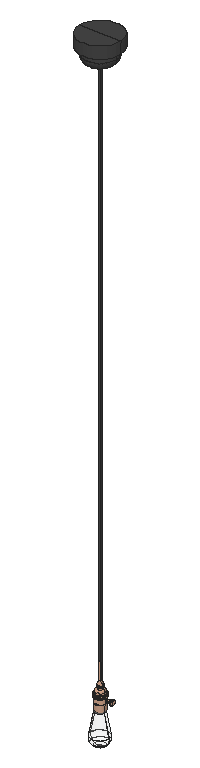
Revit family "SPO-KEY-AB MB", category Lighting Fixtures, Revit 2020 (continued)
Definition of nested family "SPO-KEY-AB"
  Definition of nested family "SPO-KEY-AB HOLDER"
    Automatic sketch dimensions
      Extrusion 127 sketch curve to Extrusion 127 sketch curve = 0' - 0.0326"
      Extrusion 127 sketch curve to Extrusion 127 sketch curve = 0' - 0.0292"
      Extrusion 127 sketch curve to Extrusion 127 sketch curve = 0' - 0.02806"
      Extrusion 128 sketch curve to Extrusion 128 sketch curve = 0' - 0.02911"
      Extrusion 128 sketch curve to Extrusion 128 sketch curve = 0' - 0.0326"
      Extrusion 128 sketch curve to Extrusion 128 sketch curve = 0' - 0.0292"
      Extrusion 128 sketch curve to Extrusion 128 sketch curve = 0' - 0.02806"
      Extrusion 129 sketch curve to Extrusion 129 sketch curve = 0' - 0.02911"
      Extrusion 129 sketch curve to Extrusion 129 sketch curve = 0' - 0.0326"
      Extrusion 129 sketch curve to Extrusion 129 sketch curve = 0' - 0.0292"
      Extrusion 129 sketch curve to Extrusion 129 sketch curve = 0' - 0.02806"
      Extrusion 130 sketch curve to Extrusion 130 sketch curve = 0' - 0.02911"
      Extrusion 130 sketch curve to Extrusion 130 sketch curve = 0' - 0.0326"
      Extrusion 130 sketch curve to Extrusion 130 sketch curve = 0' - 0.0292"
      Extrusion 130 sketch curve to Extrusion 130 sketch curve = 0' - 0.02806"
      Extrusion 131 sketch curve to Extrusion 131 sketch curve = 0' - 0.02911"
      Extrusion 131 sketch curve to Extrusion 131 sketch curve = 0' - 0.0326"
      Extrusion 131 sketch curve to Extrusion 131 sketch curve = 0' - 0.0292"
      Extrusion 131 sketch curve to Extrusion 131 sketch curve = 0' - 0.02806"
      Extrusion 132 sketch curve to Extrusion 132 sketch curve = 0' - 0.02911"
      Extrusion 132 sketch curve to Extrusion 132 sketch curve = 0' - 0.0326"
      Extrusion 132 sketch curve to Extrusion 132 sketch curve = 0' - 0.0292"
      Extrusion 132 sketch curve to Extrusion 132 sketch curve = 0' - 0.02806"
      Extrusion 133 sketch curve to Extrusion 133 sketch curve = 0' - 0.02911"
      Extrusion 133 sketch curve to Extrusion 133 sketch curve = 0' - 0.0326"
      Extrusion 133 sketch curve to Extrusion 133 sketch curve = 0' - 0.0292"
      Extrusion 133 sketch curve to Extrusion 133 sketch curve = 0' - 0.02806"
      Extrusion 134 sketch curve to Extrusion 134 sketch curve = 0' - 0.03305"
      Extrusion 134 sketch curve to Extrusion 134 sketch curve = 0' - 0.03932"
      Extrusion 134 sketch curve to Extrusion 134 sketch curve = 0' - 0.03299"
      Extrusion 134 sketch curve to Extrusion 134 sketch curve = 0' - 0.03385"
      Extrusion 135 sketch curve to Extrusion 135 sketch curve = 0' - 0.03305"
      Extrusion 135 sketch curve to Extrusion 135 sketch curve = 0' - 0.03932"
      Extrusion 135 sketch curve to Extrusion 135 sketch curve = 0' - 0.03299"
      Extrusion 135 sketch curve to Extrusion 135 sketch curve = 0' - 0.03385"
      Extrusion 136 sketch curve to Extrusion 136 sketch curve = 0' - 0.03305"
      Extrusion 136 sketch curve to Extrusion 136 sketch curve = 0' - 0.03932"
      Extrusion 136 sketch curve to Extrusion 136 sketch curve = 0' - 0.03299"
      Extrusion 136 sketch curve to Extrusion 136 sketch curve = 0' - 0.03385"
      Extrusion 137 sketch curve to Extrusion 137 sketch curve = 0' - 0.03305"
      Extrusion 137 sketch curve to Extrusion 137 sketch curve = 0' - 0.03932"
      Extrusion 137 sketch curve to Extrusion 137 sketch curve = 0' - 0.03299"
      Extrusion 137 sketch curve to Extrusion 137 sketch curve = 0' - 0.03385"
      Extrusion 138 sketch curve to Extrusion 138 sketch curve = 0' - 0.03305"
      Extrusion 138 sketch curve to Extrusion 138 sketch curve = 0' - 0.03932"
      Extrusion 138 sketch curve to Extrusion 138 sketch curve = 0' - 0.03299"
      Extrusion 138 sketch curve to Extrusion 138 sketch curve = 0' - 0.03385"
      Extrusion 139 sketch curve to Extrusion 139 sketch curve = 0' - 0.03305"
      Extrusion 139 sketch curve to Extrusion 139 sketch curve = 0' - 0.03932"
      Extrusion 139 sketch curve to Extrusion 139 sketch curve = 0' - 0.03299"
      Extrusion 139 sketch curve to Extrusion 139 sketch curve = 0' - 0.03385"
      Extrusion 140 sketch curve to Extrusion 140 sketch curve = 0' - 0.03305"
      Extrusion 140 sketch curve to Extrusion 140 sketch curve = 0' - 0.03932"
      Extrusion 140 sketch curve to Extrusion 140 sketch curve = 0' - 0.03299"
      Extrusion 140 sketch curve to Extrusion 140 sketch curve = 0' - 0.03385"
      Extrusion 141 sketch curve to Extrusion 141 sketch curve = 0' - 0.03305"
      Extrusion 141 sketch curve to Extrusion 141 sketch curve = 0' - 0.03932"
      Extrusion 141 sketch curve to Extrusion 141 sketch curve = 0' - 0.03299"
      Extrusion 141 sketch curve to Extrusion 141 sketch curve = 0' - 0.03385"
      Extrusion 142 sketch curve to Extrusion 142 sketch curve = 0' - 0.03305"
      Extrusion 142 sketch curve to Extrusion 142 sketch curve = 0' - 0.03932"
      Extrusion 142 sketch curve to Extrusion 142 sketch curve = 0' - 0.03299"
      Extrusion 142 sketch curve to Extrusion 142 sketch curve = 0' - 0.03385"
      Extrusion 143 sketch curve to Extrusion 143 sketch curve = 0' - 0.03305"
      Extrusion 143 sketch curve to Extrusion 143 sketch curve = 0' - 0.03932"
      Extrusion 143 sketch curve to Extrusion 143 sketch curve = 0' - 0.03299"
      Extrusion 143 sketch curve to Extrusion 143 sketch curve = 0' - 0.03385"
      Extrusion 144 sketch curve to Extrusion 144 sketch curve = 0' - 0.03305"
      Extrusion 144 sketch curve to Extrusion 144 sketch curve = 0' - 0.03932"
      Extrusion 144 sketch curve to Extrusion 144 sketch curve = 0' - 0.03299"
      Extrusion 144 sketch curve to Extrusion 144 sketch curve = 0' - 0.03385"
      Extrusion 145 sketch curve to Extrusion 145 sketch curve = 0' - 0.03305"
      Extrusion 145 sketch curve to Extrusion 145 sketch curve = 0' - 0.03932"
      Extrusion 145 sketch curve to Extrusion 145 sketch curve = 0' - 0.03299"
      Extrusion 145 sketch curve to Extrusion 145 sketch curve = 0' - 0.03385"
      Extrusion 146 sketch curve to Extrusion 146 sketch curve = 0' - 0.03305"
      Extrusion 146 sketch curve to Extrusion 146 sketch curve = 0' - 0.03932"
      Extrusion 146 sketch curve to Extrusion 146 sketch curve = 0' - 0.03299"
      Extrusion 146 sketch curve to Extrusion 146 sketch curve = 0' - 0.03385"
      Extrusion 147 sketch curve to Extrusion 147 sketch curve = 0' - 0.03305"
      Extrusion 147 sketch curve to Extrusion 147 sketch curve = 0' - 0.03932"
      Extrusion 147 sketch curve to Extrusion 147 sketch curve = 0' - 0.03299"
      Extrusion 147 sketch curve to Extrusion 147 sketch curve = 0' - 0.03385"
      Extrusion 148 sketch curve to Extrusion 148 sketch curve = 0' - 0.03305"
      Extrusion 148 sketch curve to Extrusion 148 sketch curve = 0' - 0.03932"
      Extrusion 148 sketch curve to Extrusion 148 sketch curve = 0' - 0.03299"
      Extrusion 148 sketch curve to Extrusion 148 sketch curve = 0' - 0.03385"
      Extrusion 149 sketch curve to Extrusion 149 sketch curve = 0' - 0.03305"
      Extrusion 149 sketch curve to Extrusion 149 sketch curve = 0' - 0.03932"
      Extrusion 149 sketch curve to Extrusion 149 sketch curve = 0' - 0.03299"
      Extrusion 149 sketch curve to Extrusion 149 sketch curve = 0' - 0.03385"
      Extrusion 150 sketch curve to Extrusion 150 sketch curve = 0' - 0.03305"
      Extrusion 150 sketch curve to Extrusion 150 sketch curve = 0' - 0.03932"
      Extrusion 150 sketch curve to Extrusion 150 sketch curve = 0' - 0.03299"
      Extrusion 150 sketch curve to Extrusion 150 sketch curve = 0' - 0.03385"
      Extrusion 151 sketch curve to Extrusion 151 sketch curve = 0' - 0.03305"
      Extrusion 151 sketch curve to Extrusion 151 sketch curve = 0' - 0.03932"
      Extrusion 151 sketch curve to Extrusion 151 sketch curve = 0' - 0.03299"
      Extrusion 151 sketch curve to Extrusion 151 sketch curve = 0' - 0.03385"
      Extrusion 152 sketch curve to Extrusion 152 sketch curve = 0' - 0.03305"
      Extrusion 152 sketch curve to Extrusion 152 sketch curve = 0' - 0.03932"
      Extrusion 152 sketch curve to Extrusion 152 sketch curve = 0' - 0.03299"
      Extrusion 152 sketch curve to Extrusion 152 sketch curve = 0' - 0.03385"
      Extrusion 153 sketch curve to Extrusion 153 sketch curve = 0' - 0.03305"
      Extrusion 153 sketch curve to Extrusion 153 sketch curve = 0' - 0.03932"
      Extrusion 153 sketch curve to Extrusion 153 sketch curve = 0' - 0.03299"
      Extrusion 153 sketch curve to Extrusion 153 sketch curve = 0' - 0.03385"
      Extrusion 154 sketch curve to Extrusion 154 sketch curve = 0' - 0.03305"
      Extrusion 154 sketch curve to Extrusion 154 sketch curve = 0' - 0.03932"
      Extrusion 154 sketch curve to Extrusion 154 sketch curve = 0' - 0.03299"
      Extrusion 154 sketch curve to Extrusion 154 sketch curve = 0' - 0.03385"
      Extrusion 155 sketch curve to Extrusion 155 sketch curve = 0' - 0.03305"
      Extrusion 155 sketch curve to Extrusion 155 sketch curve = 0' - 0.03932"
      Extrusion 155 sketch curve to Extrusion 155 sketch curve = 0' - 0.03299"
      Extrusion 155 sketch curve to Extrusion 155 sketch curve = 0' - 0.03385"
      Extrusion 156 sketch curve to Extrusion 156 sketch curve = 0' - 0.03305"
      Extrusion 156 sketch curve to Extrusion 156 sketch curve = 0' - 0.03932"
      Extrusion 156 sketch curve to Extrusion 156 sketch curve = 0' - 0.03299"
      Extrusion 156 sketch curve to Extrusion 156 sketch curve = 0' - 0.03385"
      Extrusion 157 sketch curve to Extrusion 157 sketch curve = 0' - 0.03305"
      Extrusion 157 sketch curve to Extrusion 157 sketch curve = 0' - 0.03932"
      Extrusion 157 sketch curve to Extrusion 157 sketch curve = 0' - 0.03299"
      Extrusion 157 sketch curve to Extrusion 157 sketch curve = 0' - 0.03385"
      plane 1 "Center (Front/Back)" to Extrusion 1 sketch curve = 0' - 0"
      Extrusion 1 sketch curve to plane 3 "Center (Left/Right)" = 0' - 0"
      Revolve 2 sketch curve to plane 6 = 0' - 0"
      Revolve 2 sketch curve to level = 0' - 0"
      Revolve 2 sketch curve to plane 4 = 0' - 0"
      Revolve 2 sketch curve to plane 3 "Center (Left/Right)" = 0' - 0"  (x2)
      plane 6 to Revolve 2 sketch curve = 0' - 0.06075"
      plane 6 to Revolve 2 sketch curve = 0' - 0.12425"
      Revolve 2 sketch curve to Revolve 2 sketch curve = 0' - 0.18188"
      Revolve 2 sketch curve to Revolve 2 sketch curve = 0' - 0.21893"
      Revolve 2 sketch curve to plane 3 "Center (Left/Right)" = 0' - 0.32164"
      Revolve 2 sketch curve to Revolve 2 sketch curve = 0' - 0.03485"
      Revolve 2 sketch curve to Revolve 2 sketch curve = 0' - 0.05507"
      Revolve 2 sketch curve to plane 3 "Center (Left/Right)" = 0' - 0.18061"
      Revolve 2 sketch curve to Revolve 2 sketch curve = 0' - 0.87307"
      Revolve 2 sketch curve to Revolve 2 sketch curve = 0' - 0.0635"
      Revolve 2 sketch curve to Revolve 2 sketch curve = 0' - 0.67909"
      Revolve 2 sketch curve to Revolve 2 sketch curve = 0' - 0.38706"
      Revolve 2 sketch curve to Revolve 2 sketch curve = 0' - 0.20666"
      Revolve 2 sketch curve to Revolve 2 sketch curve = 0' - 0.06564"
      Revolve 2 sketch curve to Revolve 2 sketch curve = 0' - 0 1/4"
      Revolve 2 sketch curve to Revolve 2 sketch curve = 0' - 0.19319"
      Revolve 2 sketch curve to plane 4 = 0' - 0 1/4"
      Revolve 2 sketch curve to Revolve 2 sketch curve = 0' - 0.12407"
      Revolve 3 sketch curve to plane 5 = 0' - 0.06144"
      plane 5 to Revolve 3 sketch curve = 0' - 0.06784"
      Revolve 3 sketch curve to Revolve 3 sketch curve = 0' - 0.13031"
      Revolve 3 sketch curve to Revolve 3 sketch curve = 0' - 0.10379"
      Revolve 3 sketch curve to Revolve 3 sketch curve = 0' - 0.04714"
      Revolve 3 sketch curve to Revolve 3 sketch curve = 0' - 0.03234"
      Revolve 3 sketch curve to Revolve 3 sketch curve = 0' - 0.10316"
      Revolve 3 sketch curve to Revolve 3 sketch curve = 0' - 0.34639"
      Revolve 3 sketch curve to Revolve 3 sketch curve = 0' - 0.13742"
      level to Revolve 3 sketch curve = 0' - 1.37371"
      Revolve 3 sketch curve to Revolve 3 sketch curve = 0' - 0.04427"
      Revolve 3 sketch curve to Revolve 3 sketch curve = 0' - 0.02015"
      Revolve 3 sketch curve to Revolve 3 sketch curve = 0' - 0.02437"
      Revolve 3 sketch curve to Revolve 3 sketch curve = 0' - 0.01272"
      Revolve 3 sketch curve to Revolve 3 sketch curve = 0' - 0.09592"
      Revolve 3 sketch curve to Revolve 3 sketch curve = 0' - 0.31425"
      Revolve 3 sketch curve to Revolve 3 sketch curve = 0' - 0.09269"
      Revolve 3 sketch curve to Revolve 3 sketch curve = 0' - 0.05975"
      Revolve 3 sketch curve to Revolve 3 sketch curve = 0' - 0.0888"
      Extrusion 158 sketch curve to Extrusion 158 sketch curve = 0' - 0.02628"
      Extrusion 158 sketch curve to Extrusion 158 sketch curve = 0' - 0.04498"
      Extrusion 158 sketch curve to Extrusion 158 sketch curve = 0' - 0.02258"
      Extrusion 158 sketch curve to Extrusion 158 sketch curve = 0' - 0.02891"
      Extrusion 159 sketch curve to Extrusion 159 sketch curve = 0' - 0.02628"
      Extrusion 159 sketch curve to Extrusion 159 sketch curve = 0' - 0.04498"
      Extrusion 159 sketch curve to Extrusion 159 sketch curve = 0' - 0.02258"
      Extrusion 159 sketch curve to Extrusion 159 sketch curve = 0' - 0.02891"
      Extrusion 160 sketch curve to Extrusion 160 sketch curve = 0' - 0.02628"
      Extrusion 160 sketch curve to Extrusion 160 sketch curve = 0' - 0.04498"
      Extrusion 160 sketch curve to Extrusion 160 sketch curve = 0' - 0.02258"
      Extrusion 160 sketch curve to Extrusion 160 sketch curve = 0' - 0.02891"
      Extrusion 161 sketch curve to Extrusion 161 sketch curve = 0' - 0.02628"
      Extrusion 161 sketch curve to Extrusion 161 sketch curve = 0' - 0.04498"
      Extrusion 161 sketch curve to Extrusion 161 sketch curve = 0' - 0.02258"
      Extrusion 161 sketch curve to Extrusion 161 sketch curve = 0' - 0.02891"
      Extrusion 162 sketch curve to Extrusion 162 sketch curve = 0' - 0.02628"
      Extrusion 162 sketch curve to Extrusion 162 sketch curve = 0' - 0.04498"
      Extrusion 162 sketch curve to Extrusion 162 sketch curve = 0' - 0.02258"
      Extrusion 162 sketch curve to Extrusion 162 sketch curve = 0' - 0.02891"
      Extrusion 163 sketch curve to Extrusion 163 sketch curve = 0' - 0.02628"
      Extrusion 163 sketch curve to Extrusion 163 sketch curve = 0' - 0.04498"
      Extrusion 163 sketch curve to Extrusion 163 sketch curve = 0' - 0.02258"
      Extrusion 163 sketch curve to Extrusion 163 sketch curve = 0' - 0.02891"
      Extrusion 164 sketch curve to Extrusion 164 sketch curve = 0' - 0.02628"
      Extrusion 164 sketch curve to Extrusion 164 sketch curve = 0' - 0.04498"
      Extrusion 164 sketch curve to Extrusion 164 sketch curve = 0' - 0.02258"
      Extrusion 164 sketch curve to Extrusion 164 sketch curve = 0' - 0.02891"
      Extrusion 165 sketch curve to Extrusion 165 sketch curve = 0' - 0.02628"
      Extrusion 165 sketch curve to Extrusion 165 sketch curve = 0' - 0.04498"
      Extrusion 165 sketch curve to Extrusion 165 sketch curve = 0' - 0.02258"
      Extrusion 165 sketch curve to Extrusion 165 sketch curve = 0' - 0.02891"
      Extrusion 166 sketch curve to Extrusion 166 sketch curve = 0' - 0.02628"
      Extrusion 166 sketch curve to Extrusion 166 sketch curve = 0' - 0.04498"
      Extrusion 166 sketch curve to Extrusion 166 sketch curve = 0' - 0.02258"
      Extrusion 166 sketch curve to Extrusion 166 sketch curve = 0' - 0.02891"
      Extrusion 167 sketch curve to Extrusion 167 sketch curve = 0' - 0.02628"
      Extrusion 167 sketch curve to Extrusion 167 sketch curve = 0' - 0.04498"
      Extrusion 167 sketch curve to Extrusion 167 sketch curve = 0' - 0.02258"
      Extrusion 167 sketch curve to Extrusion 167 sketch curve = 0' - 0.02891"
      Extrusion 168 sketch curve to Extrusion 168 sketch curve = 0' - 0.02628"
      Extrusion 168 sketch curve to Extrusion 168 sketch curve = 0' - 0.04498"
      Extrusion 168 sketch curve to Extrusion 168 sketch curve = 0' - 0.02258"
      Extrusion 168 sketch curve to Extrusion 168 sketch curve = 0' - 0.02891"
      Extrusion 169 sketch curve to Extrusion 169 sketch curve = 0' - 0.02628"
      Extrusion 169 sketch curve to Extrusion 169 sketch curve = 0' - 0.04498"
      Extrusion 169 sketch curve to Extrusion 169 sketch curve = 0' - 0.02258"
      Extrusion 169 sketch curve to Extrusion 169 sketch curve = 0' - 0.02891"
      Extrusion 170 sketch curve to Extrusion 170 sketch curve = 0' - 0.02628"
      Extrusion 170 sketch curve to Extrusion 170 sketch curve = 0' - 0.04498"
      Extrusion 170 sketch curve to Extrusion 170 sketch curve = 0' - 0.02258"
      Extrusion 170 sketch curve to Extrusion 170 sketch curve = 0' - 0.02891"
      Extrusion 171 sketch curve to Extrusion 171 sketch curve = 0' - 0.02628"
      Extrusion 171 sketch curve to Extrusion 171 sketch curve = 0' - 0.04498"
      Extrusion 171 sketch curve to Extrusion 171 sketch curve = 0' - 0.02258"
      Extrusion 171 sketch curve to Extrusion 171 sketch curve = 0' - 0.02891"
      Extrusion 172 sketch curve to Extrusion 172 sketch curve = 0' - 0.02628"
      Extrusion 172 sketch curve to Extrusion 172 sketch curve = 0' - 0.04498"
      Extrusion 172 sketch curve to Extrusion 172 sketch curve = 0' - 0.02258"
      Extrusion 172 sketch curve to Extrusion 172 sketch curve = 0' - 0.02891"
      Extrusion 173 sketch curve to Extrusion 173 sketch curve = 0' - 0.02628"
      Extrusion 173 sketch curve to Extrusion 173 sketch curve = 0' - 0.04498"
      Extrusion 173 sketch curve to Extrusion 173 sketch curve = 0' - 0.02258"
      Extrusion 173 sketch curve to Extrusion 173 sketch curve = 0' - 0.02891"
      Extrusion 174 sketch curve to Extrusion 174 sketch curve = 0' - 0.02628"
      Extrusion 174 sketch curve to Extrusion 174 sketch curve = 0' - 0.04498"
      Extrusion 174 sketch curve to Extrusion 174 sketch curve = 0' - 0.02258"
      Extrusion 174 sketch curve to Extrusion 174 sketch curve = 0' - 0.02891"
      Extrusion 175 sketch curve to Extrusion 175 sketch curve = 0' - 0.02628"
      Extrusion 175 sketch curve to Extrusion 175 sketch curve = 0' - 0.04498"
      Extrusion 175 sketch curve to Extrusion 175 sketch curve = 0' - 0.02258"
      Extrusion 175 sketch curve to Extrusion 175 sketch curve = 0' - 0.02891"
      Extrusion 176 sketch curve to Extrusion 176 sketch curve = 0' - 0.02628"
      Extrusion 176 sketch curve to Extrusion 176 sketch curve = 0' - 0.04498"
      Extrusion 176 sketch curve to Extrusion 176 sketch curve = 0' - 0.02258"
      Extrusion 176 sketch curve to Extrusion 176 sketch curve = 0' - 0.02891"
      Extrusion 177 sketch curve to Extrusion 177 sketch curve = 0' - 0.02628"
      Extrusion 177 sketch curve to Extrusion 177 sketch curve = 0' - 0.04498"
      Extrusion 177 sketch curve to Extrusion 177 sketch curve = 0' - 0.02258"
      Extrusion 177 sketch curve to Extrusion 177 sketch curve = 0' - 0.02891"
      Extrusion 178 sketch curve to Extrusion 178 sketch curve = 0' - 0.02628"
      Extrusion 178 sketch curve to Extrusion 178 sketch curve = 0' - 0.04498"
      Extrusion 178 sketch curve to Extrusion 178 sketch curve = 0' - 0.02258"
      Extrusion 178 sketch curve to Extrusion 178 sketch curve = 0' - 0.02891"
      Extrusion 179 sketch curve to Extrusion 179 sketch curve = 0' - 0.02628"
      Extrusion 179 sketch curve to Extrusion 179 sketch curve = 0' - 0.04498"
      Extrusion 179 sketch curve to Extrusion 179 sketch curve = 0' - 0.02258"
      Extrusion 179 sketch curve to Extrusion 179 sketch curve = 0' - 0.02891"
      Extrusion 180 sketch curve to Extrusion 180 sketch curve = 0' - 0.02628"
      Extrusion 180 sketch curve to Extrusion 180 sketch curve = 0' - 0.04498"
      Extrusion 180 sketch curve to Extrusion 180 sketch curve = 0' - 0.02258"
      Extrusion 180 sketch curve to Extrusion 180 sketch curve = 0' - 0.02891"
      Extrusion 181 sketch curve to Extrusion 181 sketch curve = 0' - 0.02628"
      Extrusion 181 sketch curve to Extrusion 181 sketch curve = 0' - 0.04498"
      Extrusion 181 sketch curve to Extrusion 181 sketch curve = 0' - 0.02258"
      Extrusion 181 sketch curve to Extrusion 181 sketch curve = 0' - 0.02891"
      Extrusion 182 sketch curve to Extrusion 182 sketch curve = 0' - 0.02628"
      Extrusion 182 sketch curve to Extrusion 182 sketch curve = 0' - 0.04498"
      Extrusion 182 sketch curve to Extrusion 182 sketch curve = 0' - 0.02258"
      Extrusion 182 sketch curve to Extrusion 182 sketch curve = 0' - 0.02891"
      Extrusion 183 sketch curve to Extrusion 183 sketch curve = 0' - 0.02628"
      Extrusion 183 sketch curve to Extrusion 183 sketch curve = 0' - 0.04498"
      Extrusion 183 sketch curve to Extrusion 183 sketch curve = 0' - 0.02258"
      Extrusion 183 sketch curve to Extrusion 183 sketch curve = 0' - 0.02891"
      Extrusion 184 sketch curve to Extrusion 184 sketch curve = 0' - 0.02628"
      Extrusion 184 sketch curve to Extrusion 184 sketch curve = 0' - 0.04498"
      Extrusion 184 sketch curve to Extrusion 184 sketch curve = 0' - 0.02258"
      Extrusion 184 sketch curve to Extrusion 184 sketch curve = 0' - 0.02891"
      Extrusion 185 sketch curve to Extrusion 185 sketch curve = 0' - 0.02628"
      Extrusion 185 sketch curve to Extrusion 185 sketch curve = 0' - 0.04498"
      Extrusion 185 sketch curve to Extrusion 185 sketch curve = 0' - 0.02258"
      Extrusion 185 sketch curve to Extrusion 185 sketch curve = 0' - 0.02891"
      radius of Extrusion 1 sketch curve = 0' - 0.1524"
  Definition of nested family "light"
    Parameters
      SPB [instance] = yes
      GLASS = none
      Default Elevation = 0' - 0"
      Body [instance] = none
    Reference planes (in)
      plane 1 "Center (Front/Back)": y = 0
      plane 2: z = 0
      plane 3 "Center (Left/Right)": x = 0
      plane 4: z = 3
      plane 5: x = 0.75
      plane 6: x = -0.75
    Forms (in)
      Revolve 1, solid, material <- "GLASS"
        sketch origin (0, 0, -0.00124) x (1, 0, 0) y (0, 0, 1)
          loop
            line (0, 0.00124) -> (-0.47169, 0.00124)
            arc (-0.47169, 0.00124) -> (-0.59465, -0.08077) -> (-0.64543, -0.21957) r 0.23785
            line (-0.64543, -0.21957) -> (-1.18272, -3.03558)
            arc (-1.18272, -3.03558) -> (-1.18535, -3.41114) -> (-1.05444, -3.76315) r 1.04013
            arc (-1.05444, -3.76315) -> (-0.89651, -3.966) -> (-0.69365, -4.12393) r 1.04013
            arc (-0.69365, -4.12393) -> (-0.44112, -4.23419) -> (-0.17715, -4.31325) r 2.2844
            line (-0.17715, -4.31325) -> (-0.02963, -4.36987)
            arc (-0.02963, -4.36987) -> (-0.01545, -4.37654) -> (0, -4.37915) r 0.05766
            line (0, -4.37915) -> (0, -4.34756) -> (-0.27212, -4.27661)
            arc (-0.27212, -4.27661) -> (-0.48406, -4.20538) -> (-0.68798, -4.11367) r 2.27268
            arc (-0.68798, -4.11367) -> (-0.88836, -3.95758) -> (-1.04437, -3.75715) r 1.02841
            arc (-1.04437, -3.75715) -> (-1.17381, -3.4091) -> (-1.17121, -3.03778) r 1.02841
            line (-1.17121, -3.03778) -> (-0.63375, -0.22087)
            arc (-0.63375, -0.22087) -> (-0.60139, -0.11111) -> (-0.51945, -0.03125) r 0.22613
            line (-0.51945, -0.03125) -> (0, -0.03125) -> (0, 0.00124)
          axis (0, 0.00124) -> (0, -4.37915)
        angle from 0 to 360
    Dimensions and locks (in)
      aligned and locked: plane 2 to level
      aligned and locked: Revolve 1 to level
Definition of nested family "E6 26 INCH"
  Parameters (values of type "E6 26 INCH")
    URL = ""
    Placement X axis side [instance] = 2' - 2"
    Model = ""
    Manufacturer = ""
    Light Elevation [instance] = 8' - 4"
    E 6 26 inch [instance] = yes
    Default Elevation = 0' - 0"
    Chain Length [instance] = 0' - 0"
    Body Material [instance] = none
  Reference planes (in)
    plane 1 "Light Source Axis (F/B)": y = 0
    plane 2: z = 0
    plane 3 "Light Source Axis (L/R)": x = 0
    plane 4 "Light Source Elevation": z = 23.125
    plane 5: z = 100
    plane 6: x = -26
    plane 7: z = 99.125
    plane 8: x = -24.12
    plane 9: x = -25.5474
  Forms (in)
    Extrusion 1, void, not visible
      sketch origin (0, 0, 2.38154) x (1, 0, 0) y (0, 0, 1)
        loop
          circle (0, 4.59925) r 0.16583
      from 1.18594 to 1.75
    Extrusion 2, void, not visible
      sketch origin (0, 0, 2.38154) x (0.707107, -0.707107, 0) y (0, 0, 1)
        loop
          circle (0, 4.59925) r 0.16583
      from 1.18594 to 1.75
    Extrusion 3, void, not visible
      sketch origin (0, 0, 2.38154) x (0.707107, 0.707107, 0) y (0, 0, 1)
        loop
          circle (0, 4.59925) r 0.16583
      from 1.18594 to 1.75
    Extrusion 4, void, not visible
      sketch origin (0, 0, 2.38154) x (0, 1, 0) y (0, 0, 1)
        loop
          circle (0, 4.59925) r 0.16583
      from 1.18594 to 1.75
    Extrusion 5, void, not visible
      sketch origin (0, 0, 2.38154) x (-0.707107, 0.707107, 0) y (0, 0, 1)
        loop
          circle (0, 4.59925) r 0.16583
      from 1.18594 to 1.75
    Extrusion 6, void, not visible
      sketch origin (0, 0, 2.38154) x (-1, 0, 0) y (0, 0, 1)
        loop
          circle (0, 4.59925) r 0.20678
      from 1.18594 to 1.75
    Extrusion 7, void, not visible
      sketch origin (0, 0, 2.38154) x (-0.707107, -0.707107, 0) y (0, 0, 1)
        loop
          circle (0, 4.59925) r 0.16583
      from 1.18594 to 1.75
    Extrusion 8, void, not visible
      sketch origin (0, 0, 2.38154) x (0, -1, 0) y (0, 0, 1)
        loop
          circle (0, 4.59925) r 0.16583
      from 1.18594 to 1.75
    Sweep 9, solid, material <- "Body Material", visible <- "E 6 26 inch"
      path origin (-41.25, 0, 168.51693) x (1, 0, 0) y (0, 0, 1)
        loop
          line (17.13, -68.51693) -> (27.68551, -68.51693)
          arc (27.68551, -68.51693) -> (28.47996, -68.34486) -> (29.13202, -67.8595) r 1.92004
          line (29.13202, -67.8595) -> (34.23651, -62.01155)
          arc (34.23651, -62.01155) -> (38.65464, -60.89667) -> (41.25, -64.64193) r 4
          line (41.25, -64.64193) -> (41.25, -69.39193)
      profile origin (-18.84224, 0, 100) x (0, 0, 1) y (0, -1, 0)
        loop
          circle (0, 0) r 0.5
    Revolve 10, solid, material <- "Body Material", visible <- "E 6 26 inch"
      sketch origin (-26, 0, 168.51693) x (1, 0, 0) y (0, 0, 1)
        loop
          line (0, -66.07943) -> (0, -68.51693) -> (1.88, -68.51693) -> (1.88, -67.69272) -> (0.4526, -67.69272) -> (0.4526, -66.54122) -> (0.33125, -66.54122) -> (0.33125, -66.07943) -> (0, -66.07943)
        axis (0, -68.51693) -> (1.88, -68.51693)
      angle from 0 to 360
    Extrusion 11, solid, material <- "Body Material", visible <- "E 6 26 inch"
      sketch origin (-26, 0, 168.51693) x (0, -1, 0) y (0, 0, -1)
        loop
          line (0.25, 68.51693) -> (0.25, 69.51693) -> (-0.25, 69.51693) -> (-0.25, 68.51693) -> (0.25, 68.51693)
      from 0.4526 to 1.88
  Cuts and joins
    joined: Revolve 10, Extrusion 11
  Dimensions and locks (in)
    "Light Elevation": plane 5 to plane 2
    "Placement X axis side": plane 3 "Light Source Axis (L/R)" to plane 6
    locked: plane 5 to plane 7 at 0.875
    Revolve 10 sketch curve to Revolve 10 sketch curve to Revolve 10 sketch curve to plane 6 = 0' - 1.4274" locked, 0' - 0.12135" locked, 0' - 0.33125" locked
    Revolve 10 sketch curve to Revolve 10 sketch curve to Revolve 10 sketch curve to plane 5 = 0' - 0.46179" locked, 0' - 1.1515" locked, 0' - 0 211/256" locked
    locked: Sweep 9 sketch curve to plane 6 at 1.88
    locked: Sweep 9 sketch curve to Sweep 9 sketch curve at 10.55551
    locked: Sweep 9 sketch curve to Sweep 9 sketch curve at 13.56449
    locked: Sweep 9 sketch curve to Sweep 9 sketch curve at 4.75
    locked: plane 9 to plane 6 at 0.4526
    locked: plane 8 to plane 9 at 1.4274
    aligned and locked: level to plane 2
    aligned and locked: Revolve 10 sketch curve to plane 6
    aligned and locked: plane 5 to Revolve 10 sketch curve
    aligned and locked: Revolve 10 sketch curve to plane 5
    aligned and locked: cut or joined group of Revolve 10, Extrusion 11 to plane 9
    aligned and locked: plane 8 to cut or joined group of Revolve 10, Extrusion 11
  Automatic sketch dimensions
    Sweep 9 sketch curve to plane 5 = 0' - 0"
    Sweep 9 sketch curve to Sweep 9 sketch curve = 0' - 4"
    Sweep 9 sketch curve to Sweep 9 sketch curve = 0' - 3.01349"
    plane 5 to Sweep 9 sketch curve = 0' - 0.65743"
    Sweep 9 sketch curve to Sweep 9 sketch curve = 0' - 1.4465"
    Sweep 9 sketch curve to plane 5 = 0' - 0 7/8"
    profile plane to Sweep 9 sketch curve = 0' - 0"
    Sweep 9 sketch curve to profile plane = 0' - 0"
    plane 6 to Revolve 10 sketch curve = 0' - 0.62562"
    Revolve 10 sketch curve to Revolve 10 sketch curve = 0' - 0 1/2"
    Extrusion 11 sketch curve to plane 5 = 0' - 0"
    plane 1 "Light Source Axis (F/B)" to Extrusion 11 sketch curve = 0' - 0 1/4"
    Extrusion 11 sketch curve to plane 1 "Light Source Axis (F/B)" = 0' - 0 1/4"
    plane 5 to Extrusion 11 sketch curve = 0' - 1"
    radius of Sweep 9 sketch curve = 0' - 0 1/2"
Definition of nested family "E7 41 INCH"
  Parameters (values of type "E7 41 INCH")
    URL = ""
    Placement X axis side [instance] = 4' - 2"
    Model = ""
    Manufacturer = ""
    Light Elevation [instance] = 8' - 4"
    E7 41 inch [instance] = yes
    Default Elevation = 0' - 0"
    Chain Length [instance] = 0' - 0"
    Body Material [instance] = none
  Reference planes (in)
    plane 1 "Light Source Axis (F/B)": y = 0
    plane 2: z = 0
    plane 3 "Light Source Axis (L/R)": x = 0
    plane 4 "Light Source Elevation": z = 23.125
    plane 5: z = 100
    plane 6: x = -50
  Forms (in)
    Extrusion 1, void, not visible
      sketch origin (0, 0, 2.38154) x (1, 0, 0) y (0, 0, 1)
        loop
          circle (0, 4.59925) r 0.16583
      from 1.18594 to 1.75
    Extrusion 2, void, not visible
      sketch origin (0, 0, 2.38154) x (0.707107, -0.707107, 0) y (0, 0, 1)
        loop
          circle (0, 4.59925) r 0.16583
      from 1.18594 to 1.75
    Extrusion 3, void, not visible
      sketch origin (0, 0, 2.38154) x (0.707107, 0.707107, 0) y (0, 0, 1)
        loop
          circle (0, 4.59925) r 0.16583
      from 1.18594 to 1.75
    Extrusion 4, void, not visible
      sketch origin (0, 0, 2.38154) x (0, 1, 0) y (0, 0, 1)
        loop
          circle (0, 4.59925) r 0.16583
      from 1.18594 to 1.75
    Extrusion 5, void, not visible
      sketch origin (0, 0, 2.38154) x (-0.707107, 0.707107, 0) y (0, 0, 1)
        loop
          circle (0, 4.59925) r 0.16583
      from 1.18594 to 1.75
    Extrusion 6, void, not visible
      sketch origin (0, 0, 2.38154) x (-1, 0, 0) y (0, 0, 1)
        loop
          circle (0, 4.59925) r 0.20678
      from 1.18594 to 1.75
    Extrusion 7, void, not visible
      sketch origin (0, 0, 2.38154) x (-0.707107, -0.707107, 0) y (0, 0, 1)
        loop
          circle (0, 4.59925) r 0.16583
      from 1.18594 to 1.75
    Extrusion 8, void, not visible
      sketch origin (0, 0, 2.38154) x (0, -1, 0) y (0, 0, 1)
        loop
          circle (0, 4.59925) r 0.16583
      from 1.18594 to 1.75
    Revolve 9, solid, material <- "Body Material", visible <- "E7 41 inch"
      sketch origin (-41.25, 0, 168.39193) x (1, 0, 0) y (0, 0, 1)
        loop
          line (-8.75, -66.20443) -> (-8.75, -68.51693) -> (-6.87, -68.51693) -> (-6.87, -67.69272) -> (-8.2974, -67.69272) -> (-8.2974, -66.54122) -> (-8.41875, -66.54122) -> (-8.41875, -66.20443) -> (-8.75, -66.20443)
        axis (-8.75, -68.51693) -> (-6.87, -68.51693)
      angle from 0 to 360
    Extrusion 10, solid, material <- "Body Material", visible <- "E7 41 inch"
      sketch origin (-41.25, 0, 168.39193) x (0, -1, 0) y (0, 0, -1)
        loop
          line (0.25, 68.51693) -> (0.25, 69.51693) -> (-0.25, 69.51693) -> (-0.25, 68.51693) -> (0.25, 68.51693)
      from -8.2974 to -6.87
    Sweep 11, solid, material <- "Body Material", visible <- "E7 41 inch"
      path origin (-41.25, 0, 168.39193) x (1, 0, 0) y (0, 0, 1)
        loop
          line (-6.87, -68.51693) -> (16.04011, -68.51693)
          arc (16.04011, -68.51693) -> (17.864, -68.13651) -> (19.38375, -67.0587) r 4.5625
          line (19.38375, -67.0587) -> (24.70217, -61.33018)
          arc (24.70217, -61.33018) -> (29.64465, -60.20324) -> (32.5, -64.39193) r 4.5
          line (32.5, -64.39193) -> (32.5, -68.39193)
      profile origin (-36.66494, 0, 99.875) x (0, 0, 1) y (0, -1, 0)
        loop
          circle (0, 0) r 0.5
  Dimensions and locks (in)
    "Placement X axis side": plane 3 "Light Source Axis (L/R)" to plane 6
    "Light Elevation": plane 5 to plane 2
    locked: Revolve 9 sketch curve to Revolve 9 sketch curve at 0.33125
    locked: Revolve 9 sketch curve to Revolve 9 sketch curve at 0.4526
    locked: Revolve 9 sketch curve to Revolve 9 sketch curve at 1.88
    locked: Revolve 9 sketch curve to Revolve 9 sketch curve at 0.82421
    locked: Revolve 9 sketch curve to Revolve 9 sketch curve at 1.1515
    locked: Revolve 9 sketch curve to Revolve 9 sketch curve at 0.33679
    locked: plane 5 to Revolve 9 sketch curve at 0.125
    locked: Extrusion 10 sketch curve to Extrusion 10 sketch curve at 0.5
    locked: Extrusion 10 sketch curve to Extrusion 10 sketch curve at 1
    locked: plane 5 to Extrusion 10 sketch curve at 0.125
    locked: plane 5 to Sweep 11 sketch curve at 0.125
    locked: Sweep 11 sketch curve to Sweep 11 sketch curve at 39.37
    locked: Sweep 11 sketch curve to Sweep 11 sketch curve at 4
    locked: plane 6 to Extrusion 10 at 0.4526
    locked: Sweep 11 sketch curve to plane 6 at 1.88
    locked: Extrusion 10 to Extrusion 10 at 1.4274
    aligned and locked: plane 2 to level
    aligned and locked: Revolve 9 sketch curve to plane 6
  Automatic sketch dimensions
    Revolve 9 sketch curve to plane 5 = 0' - 0 1/8"
    plane 6 to Revolve 9 sketch curve = 0' - 0.62562"
    Revolve 9 sketch curve to Revolve 9 sketch curve = 0' - 0 1/2"
    plane 1 "Light Source Axis (F/B)" to Extrusion 10 sketch curve = 0' - 0 1/4"
    Sweep 11 sketch curve to plane 5 = 0' - 0"
    Sweep 11 sketch curve to Sweep 11 sketch curve = 0' - 4 1/2"
    Sweep 11 sketch curve to Sweep 11 sketch curve = 0' - 3.29783"
    plane 5 to Sweep 11 sketch curve = 0' - 1.33323"
    Sweep 11 sketch curve to Sweep 11 sketch curve = 0' - 5.31842"
    Sweep 11 sketch curve to Sweep 11 sketch curve = 0' - 3.34364"
    profile plane to Sweep 11 sketch curve = 0' - 0"
    Sweep 11 sketch curve to profile plane = 0' - 0"
    radius of Sweep 11 sketch curve = 0' - 0 1/2"
Definition of nested family "E36 20 INCH"
  Parameters (values of type "E36 20 INCH")
    URL = ""
    Placement X axis side [instance] = 1' - 8 1/4"
    Model = ""
    Manufacturer = ""
    Light Elevation [instance] = 8' - 4"
    E36 20 inch [instance] = yes
    Default Elevation = 0' - 0"
    Chain Length [instance] = 0' - 0"
    Body Material [instance] = none
  Reference planes (in)
    plane 1 "Light Source Axis (F/B)": y = 0
    plane 2: z = 0
    plane 3 "Light Source Axis (L/R)": x = 0
    plane 4 "Light Source Elevation": z = 23.125
    plane 5: z = 99
    plane 6: x = -20.25
    plane 7: z = 100
    plane 8: x = -18.37008
    plane 9: x = -19.79724
  Forms (in)
    Extrusion 1, void, not visible
      sketch origin (0, 0, 2.38154) x (1, 0, 0) y (0, 0, 1)
        loop
          circle (0, 4.59925) r 0.16583
      from 1.18594 to 1.75
    Extrusion 2, void, not visible
      sketch origin (0, 0, 2.38154) x (0.707107, -0.707107, 0) y (0, 0, 1)
        loop
          circle (0, 4.59925) r 0.16583
      from 1.18594 to 1.75
    Extrusion 3, void, not visible
      sketch origin (0, 0, 2.38154) x (0.707107, 0.707107, 0) y (0, 0, 1)
        loop
          circle (0, 4.59925) r 0.16583
      from 1.18594 to 1.75
    Extrusion 4, void, not visible
      sketch origin (0, 0, 2.38154) x (0, 1, 0) y (0, 0, 1)
        loop
          circle (0, 4.59925) r 0.16583
      from 1.18594 to 1.75
    Extrusion 5, void, not visible
      sketch origin (0, 0, 2.38154) x (-0.707107, 0.707107, 0) y (0, 0, 1)
        loop
          circle (0, 4.59925) r 0.16583
      from 1.18594 to 1.75
    Extrusion 6, void, not visible
      sketch origin (0, 0, 2.38154) x (-1, 0, 0) y (0, 0, 1)
        loop
          circle (0, 4.59925) r 0.20678
      from 1.18594 to 1.75
    Extrusion 7, void, not visible
      sketch origin (0, 0, 2.38154) x (-0.707107, -0.707107, 0) y (0, 0, 1)
        loop
          circle (0, 4.59925) r 0.16583
      from 1.18594 to 1.75
    Extrusion 8, void, not visible
      sketch origin (0, 0, 2.38154) x (0, -1, 0) y (0, 0, 1)
        loop
          circle (0, 4.59925) r 0.16583
      from 1.18594 to 1.75
    Sweep 9, solid, material <- "Body Material", visible <- "E36 20 inch"
      path origin (-41.25, 0, 169.51693) x (1, 0, 0) y (0, 0, 1)
        loop
          line (22.88, -69.51693) -> (28.93827, -69.51693)
          arc (28.93827, -69.51693) -> (29.97705, -69.28152) -> (30.81284, -68.62128) r 2.40953
          line (30.81284, -68.62128) -> (34.13807, -64.50378)
          arc (34.13807, -64.50378) -> (38.58272, -63.24548) -> (41.25, -67.01693) r 4
          line (41.25, -67.01693) -> (41.25, -70.51693)
      profile origin (-15.34086, 0, 100) x (0, 0, 1) y (0, -1, 0)
        loop
          circle (0, 0) r 0.5
    Revolve 10, solid, material <- "Body Material", visible <- "E36 20 inch"
      sketch origin (-20.25, 0, 169.51693) x (1, 0, 0) y (0, 0, 1)
        loop
          line (0, -67.20443) -> (0, -69.51693) -> (1.88, -69.51693) -> (1.88, -68.69272) -> (0.4526, -68.69272) -> (0.4526, -67.54122) -> (0.33125, -67.54122) -> (0.33125, -67.20443) -> (0, -67.20443)
        axis (0, -69.51693) -> (1.88, -69.51693)
      angle from 0 to 360
    Extrusion 11, solid, material <- "Body Material", visible <- "E36 20 inch"
      sketch origin (-20.25, 0, 169.51693) x (0, -1, 0) y (0, 0, -1)
        loop
          line (0.25, 69.51693) -> (0.25, 70.51693) -> (-0.25, 70.51693) -> (-0.25, 69.51693) -> (0.25, 69.51693)
      from 1.87992 to 0.45276
  Cuts and joins
    joined: Revolve 10, Extrusion 11
  Dimensions and locks (in)
    "Light Elevation": plane 7 to plane 2
    "Placement X axis side": plane 3 "Light Source Axis (L/R)" to plane 6
    locked: plane 7 to plane 5 at 1
    Revolve 10 sketch curve to Revolve 10 sketch curve to Revolve 10 sketch curve to plane 7 = 0' - 0.33679" locked, 0' - 1.1515" locked, 0' - 0 211/256" locked
    locked: Sweep 9 sketch curve to plane 6 at 1.88
    locked: Sweep 9 sketch curve to Sweep 9 sketch curve at 6.05827
    locked: Sweep 9 sketch curve to Sweep 9 sketch curve at 12.31173
    locked: Sweep 9 sketch curve to Sweep 9 sketch curve at 3.5
    Revolve 10 sketch curve to Revolve 10 sketch curve to Revolve 10 sketch curve to plane 6 = 0' - 1.4274" locked, 0' - 0.12135" locked, 0' - 0.33125" locked
    locked: plane 9 to plane 6 at 0.45276
    locked: plane 8 to plane 9 at 1.42717
    aligned and locked: level to plane 2
    aligned and locked: plane 7 to Revolve 10 sketch curve
    aligned and locked: Revolve 10 sketch curve to plane 7
    aligned and locked: Revolve 10 sketch curve to plane 6
    aligned and locked: cut or joined group of Revolve 10, Extrusion 11 to plane 9
    aligned and locked: plane 8 to cut or joined group of Revolve 10, Extrusion 11
  Automatic sketch dimensions
    Sweep 9 sketch curve to plane 7 = 0' - 0"
    Sweep 9 sketch curve to plane 5 = 0' - 0"
    Sweep 9 sketch curve to Sweep 9 sketch curve = 0' - 4"
    Sweep 9 sketch curve to plane 7 = 0' - 0.89565"
    Sweep 9 sketch curve to Sweep 9 sketch curve = 0' - 3.32523"
    Sweep 9 sketch curve to Sweep 9 sketch curve = 0' - 1.87457"
    profile plane to Sweep 9 sketch curve = 0' - 0"
    Sweep 9 sketch curve to profile plane = 0' - 0"
    plane 6 to Revolve 10 sketch curve = 0' - 0.62562"
    Revolve 10 sketch curve to Revolve 10 sketch curve = 0' - 0 1/2"
    plane 7 to Extrusion 11 sketch curve = 0' - 0"
    Extrusion 11 sketch curve to plane 5 = 0' - 0"
    plane 1 "Light Source Axis (F/B)" to Extrusion 11 sketch curve = 0' - 0 1/4"
    Extrusion 11 sketch curve to plane 1 "Light Source Axis (F/B)" = 0' - 0 1/4"
    radius of Sweep 9 sketch curve = 0' - 0 1/2"
Definition of nested family "POST MOUNT"
  Parameters (values of type "POST MOUNT")
    URL = ""
    Post Mount [instance] = yes
    Placement X axis side [instance] = 2' - 2 1/2"
    Model = ""
    Manufacturer = ""
    Light Elevation [instance] = 14' - 0.5168"
    Default Elevation = 0' - 0"
    Chain Length [instance] = 0' - 0"
    Body Material [instance] = none
  Reference planes (in)
    plane 1 "Light Source Axis (F/B)": y = 0
    plane 2: z = 0
    plane 3 "Light Source Axis (L/R)": x = 0
    plane 4 "Light Source Elevation": z = 23.125
    plane 5: x = -26.5
    plane 6: z = 168.5168
  Forms (in)
    Extrusion 1, void, not visible
      sketch origin (0, 0, 2.38154) x (1, 0, 0) y (0, 0, 1)
        loop
          circle (0, 4.59925) r 0.16583
      from 1.18594 to 1.75
    Extrusion 2, void, not visible
      sketch origin (0, 0, 2.38154) x (0.707107, -0.707107, 0) y (0, 0, 1)
        loop
          circle (0, 4.59925) r 0.16583
      from 1.18594 to 1.75
    Extrusion 3, void, not visible
      sketch origin (0, 0, 2.38154) x (0.707107, 0.707107, 0) y (0, 0, 1)
        loop
          circle (0, 4.59925) r 0.16583
      from 1.18594 to 1.75
    Extrusion 4, void, not visible
      sketch origin (0, 0, 2.38154) x (0, 1, 0) y (0, 0, 1)
        loop
          circle (0, 4.59925) r 0.16583
      from 1.18594 to 1.75
    Extrusion 5, void, not visible
      sketch origin (0, 0, 2.38154) x (-0.707107, 0.707107, 0) y (0, 0, 1)
        loop
          circle (0, 4.59925) r 0.16583
      from 1.18594 to 1.75
    Extrusion 6, void, not visible
      sketch origin (0, 0, 2.38154) x (-1, 0, 0) y (0, 0, 1)
        loop
          circle (0, 4.59925) r 0.20678
      from 1.18594 to 1.75
    Extrusion 7, void, not visible
      sketch origin (0, 0, 2.38154) x (-0.707107, -0.707107, 0) y (0, 0, 1)
        loop
          circle (0, 4.59925) r 0.16583
      from 1.18594 to 1.75
    Extrusion 8, void, not visible
      sketch origin (0, 0, 2.38154) x (0, -1, 0) y (0, 0, 1)
        loop
          circle (0, 4.59925) r 0.16583
      from 1.18594 to 1.75
    Revolve 9, solid, material <- "Body Material", visible <- "Post Mount"
      sketch origin (-7.90508, 0, 0) x (1, 0, 0) y (0, 0, 1)
        loop
          line (-18.59492, 3.92912) -> (-16.29831, 3.92912) -> (-16.29831, 4.2668) -> (-16.91413, 4.2668) -> (-16.91413, 134.5168) -> (-17.16413, 134.5168) -> (-17.16413, 137.3918) -> (-17.05979, 137.3918)
          arc (-17.05979, 137.3918) -> (-16.93479, 137.5168) -> (-17.05979, 137.6418) r 0.125
          line (-17.05979, 137.6418) -> (-17.48032, 137.6418) -> (-17.48032, 139.0793) -> (-17.73032, 139.0793) -> (-17.73032, 139.5793) -> (-18.59492, 139.5793) -> (-18.59492, 3.92912)
        axis (-18.59492, 139.5793) -> (-18.59492, 3.92912)
      angle from 0 to 360
    Extrusion 10, solid, material <- "Body Material", visible <- "Post Mount"
      sketch origin (0, 0, 0) x (1, 0, 0) y (0, 1, 0)
        loop
          line (-20.5, 5.93079) -> (-32.5, 5.93079) -> (-32.5, -6.06921) -> (-20.5, -6.06921) -> (-20.5, 5.93079)
      from 0 to 3.92912
    Sweep 11, solid, material <- "Body Material", visible <- "Post Mount"
      path origin (0, 0, 48.5) x (1, 0, 0) y (0, 0, 1)
        loop
          line (0, 120.0168) -> (0, 128.0168)
          arc (0, 128.0168) -> (-13.25, 141.2668) -> (-26.5, 128.0168) r 13.25
          line (-26.5, 128.0168) -> (-26.5, 91.0793)
      profile origin (0, 0, 172.5168) x (-1, 0, 0) y (0, -1, 0)
        loop
          circle (0, 0) r 0.5
    Revolve 12, solid, material <- "Body Material", visible <- "Post Mount"
      sketch origin (0, 0, 0) x (1, 0, 0) y (0, 0, 1)
        loop
          line (0, 168.5168) -> (0.75, 168.5168) -> (0.75, 170.7668) -> (0, 170.7668) -> (0, 168.5168)
        axis (0, 170.7668) -> (0, 168.5168)
      angle from 0 to 360
  Cuts and joins
    joined: Revolve 9, Extrusion 10, Sweep 11, Revolve 12
  Dimensions and locks (in)
    "Placement X axis side": plane 3 "Light Source Axis (L/R)" to plane 5
    "Light Elevation": plane 6 to plane 2
    locked: Revolve 12 sketch curve to plane 5 at 26.5  (x2)
    locked: Revolve 9 sketch curve to plane 2 at 3.92912
    locked: Revolve 9 sketch curve to plane 5 at 2.29661
    locked: Revolve 9 sketch curve to plane 5 at 1.68079
    locked: Revolve 9 sketch curve to plane 5 at 1.43079
    locked: Revolve 9 sketch curve to plane 5 at 1.11461
    locked: Revolve 9 sketch curve to plane 5 at 0.86461
    locked: Revolve 9 sketch curve to Revolve 9 sketch curve at 130.58768
    locked: Revolve 9 sketch curve to Revolve 9 sketch curve at 2.875
    locked: Revolve 9 sketch curve to Revolve 9 sketch curve at 0.25
    locked: Revolve 9 sketch curve to Revolve 9 sketch curve at 1.4375
    locked: Revolve 9 sketch curve to Revolve 9 sketch curve at 0.5
    locked: Sweep 11 sketch curve to Sweep 11 sketch curve at 26.5
    locked: Revolve 12 sketch curve to Revolve 12 sketch curve at 0.75
    locked: cut or joined group of Revolve 9, Extrusion 10, Sweep 11, Revolve 12 to plane 2 at 139.5793
    aligned and locked: level to plane 2
    aligned and locked: plane 5 to Sweep 11 sketch curve
    aligned and locked: Revolve 9 sketch curve to plane 5
  Automatic sketch dimensions
    Revolve 9 sketch curve to plane 5 = 0' - 0"
    Revolve 9 sketch curve to Revolve 9 sketch curve = 0' - 0.10434"
    Revolve 9 sketch curve to Revolve 9 sketch curve = 0' - 0.33768"
    Revolve 9 sketch curve to Revolve 9 sketch curve = 0' - 0 1/4"
    Revolve 9 sketch curve to Revolve 9 sketch curve = 0' - 0 7/16"
    Extrusion 10 sketch curve to plane 5 = 0' - 6"
    plane 5 to Extrusion 10 sketch curve = 0' - 6"
    plane 1 "Light Source Axis (F/B)" to Extrusion 10 sketch curve = 0' - 6.06921"
    Extrusion 10 sketch curve to plane 1 "Light Source Axis (F/B)" = 0' - 5.93079"
    Sweep 11 sketch curve to profile plane = 0' - 0"
    profile plane to Sweep 11 sketch curve = 0' - 0"
    Sweep 11 sketch curve to plane 6 = 0' - 0"
    Sweep 11 sketch curve to plane 6 = 0' - 8"
    plane 6 to Sweep 11 sketch curve = 2' - 4 15/16"
    Revolve 12 sketch curve to plane 6 = 0' - 0"
    Revolve 12 sketch curve to plane 6 = 0' - 2 1/4"
    Revolve 12 sketch curve to Revolve 12 sketch curve = 0' - 0 1/2"
    Revolve 12 sketch curve to Revolve 12 sketch curve = 0' - 0"
    radius of Sweep 11 sketch curve = 0' - 0 1/2"
